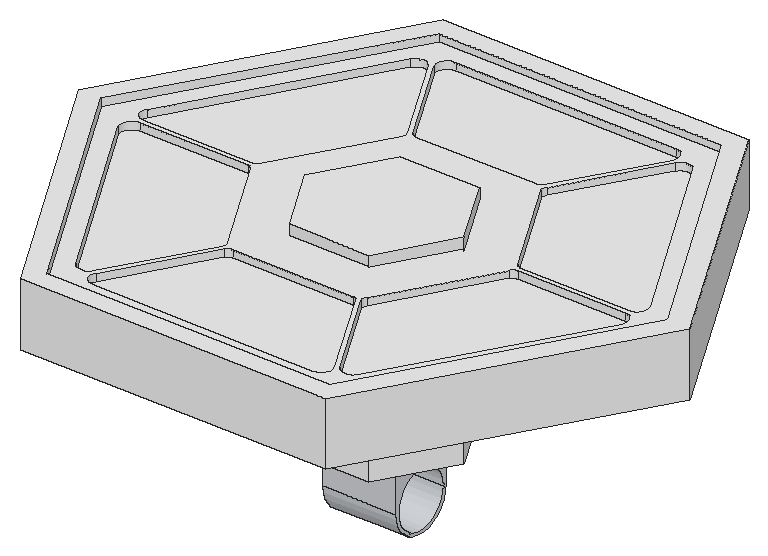
Revit family "Lighting-Industrial-GEWISS-ESALITE-HB-HIGHBAYS-LED_16K_DALI", category Apparecchi per illuminazione, host Superficie, Revit 2019
Family settings
  Host = Superficie
  Quota connettore circolare = Usa diametro
  Tipo di parte = Normale
  Taglio con vuoti quando caricato = No
  Sorgente d'illuminazione = No
  Condiviso = No
  Punto di calcolo locali = Sì
Parameters (values of type "GWS6335GD57K - ESALITE 16K ELL.5700K PLAF+V.GR.DALI")
  Weight (kg): = "7,5"
  Warranty = "5 years"
  Voltage- = "220/240 V - 50/60 Hz"
  Versions = "5700K cold light"
  Version file RFA = "20.11"
  VISIBILITA' SIMBOLO [instance] = yes
  VISIBILITA' LAMPADA PIANTA [instance] = not(VISIBILITA' SIMBOLO)  # no
  VISIBILITA' ETICHETTA [instance] = yes
  URL = "https://www.gewiss.com/ww/en"
  Technical sheet = "https://www.gewiss.com/ww/en/search?q=GWS6335GD57K"
  System power = "125W"
  Spostamento_y_effettivo_ET [instance] = 4000 mm - Spostamento_y_ET  # 2119.2 mm
  Spostamento_y_ET [instance] = 1880.8 mm
  Spostamento_X_effettivo_ET [instance] = 4000 mm - Spostamento_X_ET  # 3850.612 mm
  Spostamento_X_ET [instance] = 149.388 mm
  Shock resistance = "IK08"
  Shield type = "Tempered glass"
  SEO = "High bay"
  Realized by GEWISS S.p.A. = ""
  Default Elevation = 1219.2 mm
  Produttore = "GEWISS S.p.A."
  Potenza di sitema = "Wxxx"
  Overvoltage resistance : = "Common mode: 8KV; Differential mode: 6KV"
  Optic = "Elliptical"
  Operating temperature: = "-30 +50 °C"
  Nominal flux (lm) = "17000"
  Modello = "GWS6335GD57K"
  Lumen output (lm) = "13600"
  Life time L90B10 (Tq 50Â°C) = "50000H"
  Life time L90B10 (Tq 25Â°C) = "100000H"
  Lamp- = "LED - Not replaceable"
  LED current. = "0,599999999999999A"
  Insulation class = "I"
  Immagine tipo = ESALITE_HB.jpg
  IP degree = "IP66"
  IDT = "a54f4c13e4cb438fafd2955485c5441c"
  IDF = "52d9f25e-ae7e-4c7c-a9a9-41bfd309ca57"
  Electrocod = "2444"
  Efficiency class of integrated LEDs = "A ÷ A++"
  Driver type = "Driver Led Dali"
  Descrizione = "ESALITE 16K ELL.5700K PLAF+V.GR.DALI"
  Colour temperature: = "5700 K (CRI>80)"
  Colour = "Grey RAL 9006"
  Catalogue Range = "ESALITE HB - 16K"
  Catalogue = "LIGHTING"
  COBie.Tagnumber = ""
  COBie.CreatedOn = ""
  COBie.CreatebBy = ""
  COBie.ComponentRegisterItemID = ""
  COBie.Component.TagNumber = ""
  COBie.Component.Space = ""
  COBie.Component.SerialNumber = ""
  COBie.Component.InstallationDate = ""
  COBie.Component.Description = ""
  COBie.Component.BarCode = ""
  Application = "Indoor / Outdoor"
Types (25, lengths in mm): name | Versions | Technical sheet | Shock resistance | Shield type | Optic | Nominal flux (lm) | Modello | Lumen output (lm) | IP degree | IDT | Descrizione | Colour temperature: | Application
  (no name) | "5700K cold light" | "https://www.gewiss.com/ww/en/search?q=GWS6335GD57K" | "IK08" | "Tempered glass" | "Elliptical" | "17000" | "GWS6335GD57K" | "13600" | "IP66" | "a54f4c13e4cb438fafd2955485c5441c" | "ESALITE 16K ELL.5700K PLAF+V.GR.DALI" | "5700 K (CRI>80)" | "Indoor / Outdoor"
  GWS6032GD - ESALITE 16K 30° 4000K PLAF.GR.DALI | "4000K natural light" | "https://www.gewiss.com/ww/en/search?q=GWS6032GD" | "IK06" | "Plastic" | "30°" | "17000" | "GWS6032GD" | "14400" | "IP65" | "39e03025dfbc4288af2ce8f743936643" | "ESALITE 16K 30° 4000K PLAF.GR.DALI" | "4000 K (CRI>80)" | "Internal"
  GWS6032GD30K - ESALITE 16K 30° 3000K PLAF.GR.DALI | "3000K warm light" | "https://www.gewiss.com/ww/en/search?q=GWS6032GD30K" | "IK06" | "Plastic" | "30°" | "16000" | "GWS6032GD30K" | "13400" | "IP65" | "c226fc3004d24f4094da6ffb8992abb0" | "ESALITE 16K 30° 3000K PLAF.GR.DALI" | "3000 K (CRI>80)" | "Internal"
  GWS6032GD57K - ESALITE 16K 30° 5700K PLAF.GR.DALI | "5700K cold light" | "https://www.gewiss.com/ww/en/search?q=GWS6032GD57K" | "IK06" | "Plastic" | "30°" | "17000" | "GWS6032GD57K" | "14400" | "IP65" | "a306528a721c42ff9d4e9932b5d48a03" | "ESALITE 16K 30° 5700K PLAF.GR.DALI" | "5700 K (CRI>80)" | "Internal"
  GWS6033GD - ESALITE 16K 60° 4000K PLAF.GR.DALI | "4000K natural light" | "https://www.gewiss.com/ww/en/search?q=GWS6033GD" | "IK06" | "Plastic" | "60°" | "17000" | "GWS6033GD" | "14700" | "IP65" | "6af811cbe9414f66ab4bd28b991bbe8f" | "ESALITE 16K 60° 4000K PLAF.GR.DALI" | "4000 K (CRI>80)" | "Internal"
  GWS6033GD30K - ESALITE 16K 60° 3000K PLAF.GR.DALI | "3000K warm light" | "https://www.gewiss.com/ww/en/search?q=GWS6033GD30K" | "IK06" | "Plastic" | "60°" | "16000" | "GWS6033GD30K" | "13700" | "IP65" | "e5e01e6559ea4602886af997f2dd6e4e" | "ESALITE 16K 60° 3000K PLAF.GR.DALI" | "3000 K (CRI>80)" | "Internal"
  GWS6033GD57K - ESALITE 16K 60° 5700K PLAF.GR.DALI | "5700K cold light" | "https://www.gewiss.com/ww/en/search?q=GWS6033GD57K" | "IK06" | "Plastic" | "60°" | "17000" | "GWS6033GD57K" | "14700" | "IP65" | "6ac66394f54543fd9d2a1178bb1d6695" | "ESALITE 16K 60° 5700K PLAF.GR.DALI" | "5700 K (CRI>80)" | "Internal"
  GWS6034GD - ESALITE 16K 90° 4000K PLAF.GR.DALI | "4000K natural light" | "https://www.gewiss.com/ww/en/search?q=GWS6034GD" | "IK06" | "Plastic" | "90°" | "17000" | "GWS6034GD" | "15600" | "IP65" | "ee47cda429fb4ce89b851b92d9619367" | "ESALITE 16K 90° 4000K PLAF.GR.DALI" | "4000 K (CRI>80)" | "Internal"
  GWS6034GD30K - ESALITE 16K 90° 3000K PLAF.GR.DALI | "3000K warm light" | "https://www.gewiss.com/ww/en/search?q=GWS6034GD30K" | "IK06" | "Plastic" | "90°" | "16000" | "GWS6034GD30K" | "14500" | "IP65" | "f528e1daeff34361b0fa2685b4df1d6f" | "ESALITE 16K 90° 3000K PLAF.GR.DALI" | "3000 K (CRI>80)" | "Internal"
  GWS6034GD57K - ESALITE 16K 90° 5700K PLAF.GR.DALI | "5700K cold light" | "https://www.gewiss.com/ww/en/search?q=GWS6034GD57K" | "IK06" | "Plastic" | "90°" | "17000" | "GWS6034GD57K" | "15600" | "IP65" | "59a8fbbd0145487e96f26b14b5e4220c" | "ESALITE 16K 90° 5700K PLAF.GR.DALI" | "5700 K (CRI>80)" | "Internal"
  GWS6035GD - ESALITE 16K ELL.4000K PLAF.GR.DALI | "4000K natural light" | "https://www.gewiss.com/ww/en/search?q=GWS6035GD" | "IK06" | "Plastic" | "Elliptical" | "17000" | "GWS6035GD" | "14700" | "IP65" | "6894d707bf884244b0e0e2f22a0d072b" | "ESALITE 16K ELL.4000K PLAF.GR.DALI" | "4000 K (CRI>80)" | "Internal"
  GWS6035GD30K - ESALITE 16K ELL.3000K PLAF.GR.DALI | "3000K warm light" | "https://www.gewiss.com/ww/en/search?q=GWS6035GD30K" | "IK06" | "Plastic" | "Elliptical" | "16000" | "GWS6035GD30K" | "13700" | "IP65" | "43f4a1f4c59e4f02a47173e758b3e2f9" | "ESALITE 16K ELL.3000K PLAF.GR.DALI" | "3000 K (CRI>80)" | "Internal"
  GWS6035GD57K - ESALITE 16K ELL.5700K PLAF.GR.DALI | "5700K cold light" | "https://www.gewiss.com/ww/en/search?q=GWS6035GD57K" | "IK06" | "Plastic" | "Elliptical" | "17000" | "GWS6035GD57K" | "14700" | "IP65" | "7e38fbde8da2462c95801c54c3765e04" | "ESALITE 16K ELL.5700K PLAF.GR.DALI" | "5700 K (CRI>80)" | "Internal"
  GWS6332GD - ESALITE 16K 30° 4000K PLAF+V.GR.DALI | "4000K natural light" | "https://www.gewiss.com/ww/en/search?q=GWS6332GD" | "IK08" | "Tempered glass" | "30°" | "17000" | "GWS6332GD" | "13300" | "IP66" | "8800f98ef3d140f6aaa7b7165f7b2d88" | "ESALITE 16K 30° 4000K PLAF+V.GR.DALI" | "4000 K (CRI>80)" | "Indoor / Outdoor"
  GWS6332GD30K - ESALITE 16K 30° 3000K PLAF+V.GR.DALI | "3000K warm light" | "https://www.gewiss.com/ww/en/search?q=GWS6332GD30K" | "IK08" | "Tempered glass" | "30°" | "16000" | "GWS6332GD30K" | "12300" | "IP66" | "d878ccc5a83142ffa1d5aa30606ade52" | "ESALITE 16K 30° 3000K PLAF+V.GR.DALI" | "3000 K (CRI>80)" | "Indoor / Outdoor"
  GWS6332GD57K - ESALITE 16K 30° 5700K PLAF+V.GR.DALI | "5700K cold light" | "https://www.gewiss.com/ww/en/search?q=GWS6332GD57K" | "IK08" | "Tempered glass" | "30°" | "17000" | "GWS6332GD57K" | "13300" | "IP66" | "57e13c32087e4914b460dd63fcdca865" | "ESALITE 16K 30° 5700K PLAF+V.GR.DALI" | "5700 K (CRI>80)" | "Indoor / Outdoor"
  GWS6333GD - ESALITE 16K 60° 4000K PLAF+V.GR.DALI | "4000K natural light" | "https://www.gewiss.com/ww/en/search?q=GWS6333GD" | "IK08" | "Tempered glass" | "60°" | "17000" | "GWS6333GD" | "13600" | "IP66" | "be6ae29a2ded4cf9b4aa5b8921416a86" | "ESALITE 16K 60° 4000K PLAF+V.GR.DALI" | "4000 K (CRI>80)" | "Indoor / Outdoor"
  GWS6333GD30K - ESALITE 16K 60° 3000K PLAF+V.GR.DALI | "3000K warm light" | "https://www.gewiss.com/ww/en/search?q=GWS6333GD30K" | "IK08" | "Tempered glass" | "60°" | "16000" | "GWS6333GD30K" | "12600" | "IP66" | "87c9c88197a34362af688c8e91c0d271" | "ESALITE 16K 60° 3000K PLAF+V.GR.DALI" | "3000 K (CRI>80)" | "Indoor / Outdoor"
  GWS6333GD57K - ESALITE 16K 60° 5700K PLAF+V.GR.DALI | "5700K cold light" | "https://www.gewiss.com/ww/en/search?q=GWS6333GD57K" | "IK08" | "Tempered glass" | "60°" | "17000" | "GWS6333GD57K" | "13600" | "IP66" | "7fab6dde5e8a428699b5bee065c1908d" | "ESALITE 16K 60° 5700K PLAF+V.GR.DALI" | "5700 K (CRI>80)" | "Indoor / Outdoor"
  GWS6334GD - ESALITE 16K 90° 4000K PLAF+V.GR.DALI | "4000K natural light" | "https://www.gewiss.com/ww/en/search?q=GWS6334GD" | "IK08" | "Tempered glass" | "90°" | "17000" | "GWS6334GD" | "14400" | "IP66" | "875574b0810943fda973ff4d466be8ed" | "ESALITE 16K 90° 4000K PLAF+V.GR.DALI" | "4000 K (CRI>80)" | "Indoor / Outdoor"
  GWS6334GD30K - ESALITE 16K 90° 3000K PLAF+V.GR.DALI | "3000K warm light" | "https://www.gewiss.com/ww/en/search?q=GWS6334GD30K" | "IK08" | "Tempered glass" | "90°" | "16000" | "GWS6334GD30K" | "13400" | "IP66" | "b28f25b15131450ab32343165c96e735" | "ESALITE 16K 90° 3000K PLAF+V.GR.DALI" | "3000 K (CRI>80)" | "Indoor / Outdoor"
  GWS6334GD57K - ESALITE 16K 90° 5700K PLAF+V.GR.DALI | "5700K cold light" | "https://www.gewiss.com/ww/en/search?q=GWS6334GD57K" | "IK08" | "Tempered glass" | "90°" | "17000" | "GWS6334GD57K" | "14400" | "IP66" | "e6067d8e4f914fe3a1c6a37714fbe1bf" | "ESALITE 16K 90° 5700K PLAF+V.GR.DALI" | "5700 K (CRI>80)" | "Indoor / Outdoor"
  GWS6335GD - ESALITE 16K ELL.4000K PLAF+V.GR.DALI | "4000K natural light" | "https://www.gewiss.com/ww/en/search?q=GWS6335GD" | "IK08" | "Tempered glass" | "Elliptical" | "17000" | "GWS6335GD" | "13600" | "IP66" | "1e284efdf1c5438084c89e5faa34d017" | "ESALITE 16K ELL.4000K PLAF+V.GR.DALI" | "4000 K (CRI>80)" | "Indoor / Outdoor"
  GWS6335GD30K - ESALITE 16K ELL.3000K PLAF+V.GR.DALI | "3000K warm light" | "https://www.gewiss.com/ww/en/search?q=GWS6335GD30K" | "IK08" | "Tempered glass" | "Elliptical" | "16000" | "GWS6335GD30K" | "12600" | "IP66" | "6308e43113534a9dab849f2d239f7b59" | "ESALITE 16K ELL.3000K PLAF+V.GR.DALI" | "3000 K (CRI>80)" | "Indoor / Outdoor"
  GWS6335GD57K - ESALITE 16K ELL.5700K PLAF+V.GR.DALI | "5700K cold light" | "https://www.gewiss.com/ww/en/search?q=GWS6335GD57K" | "IK08" | "Tempered glass" | "Elliptical" | "17000" | "GWS6335GD57K" | "13600" | "IP66" | "a54f4c13e4cb438fafd2955485c5441c" | "ESALITE 16K ELL.5700K PLAF+V.GR.DALI" | "5700 K (CRI>80)" | "Indoor / Outdoor"
Reference planes
  plane 1 "Centro (Fronte/Retro)": y = 0
  plane 2: z = 0
  plane 3 "Centro (Sinistra/Destra)": x = 0
  plane 4: z = 123
  plane 5: x = 0
  plane 6: x = -3850.612
  plane 7: y = -2119.2
  plane 8: y = 0
  plane 9: through (-1779.2, -702.001, 1219.2) normal (0.4695, 0.8829, 0)
  plane 10: through (203.705, -1575.119, 1219.2) normal (-0.866, 0.5, 0)
  plane 11: x = -217.137
  plane 12: x = 217.137
  plane 13: y = 188.046
  plane 14: y = -188.046
Lines and regions (mm)
  symbolic lines, visible <- "VISIBILITA' LAMPADA PIANTA"
    curve 1: line (-217.137, 0, 199.205) -> (217.137, 0, 199.205)
    curve 2: line (-217.137, 0, 152.205) -> (-217.137, 0, 199.205)
    curve 3: line (217.137, 0, 152.205) -> (-217.137, 0, 152.205)
    curve 4: line (217.137, 0, 199.205) -> (217.137, 0, 152.205)
    curve 5: line (-56.644, 0, 152.205) -> (56.76, 0, 152.205)
    curve 6: line (-56.644, 0, 55) -> (-56.644, 0, 152.205)
    curve 7: line (56.76, 0, 55) -> (-56.644, 0, 55)
    curve 8: line (56.76, 0, 152.205) -> (56.76, 0, 55)
    curve 9: line (-26.009, 0, 55) -> (26.009, 0, 55)
    curve 10: line (-26.009, 0, 1.411) -> (-26.009, 0, 55)
    curve 11: line (26.009, 0, 1.411) -> (-26.009, 0, 1.411)
    curve 12: line (26.009, 0, 55) -> (26.009, 0, 1.411)
    curve 13: line (107.72, 186.577, 0) -> (-109.416, 186.577, 0)
    curve 14: line (-109.416, 186.577, 0) -> (-217.985, -1.469, 0)
    curve 15: line (-217.985, -1.469, 0) -> (-109.416, -189.515, 0)
    curve 16: line (-109.416, -189.515, 0) -> (107.72, -189.515, 0)
    curve 17: line (107.72, -189.515, 0) -> (216.289, -1.469, 0)
    curve 18: line (216.289, -1.469, 0) -> (107.72, 186.577, 0)
    curve 19: line (-101.583, 173.009, 0) -> (99.887, 173.009, 0)
    curve 20: line (99.887, 173.009, 0) -> (200.622, -1.469, 0)
    curve 21: line (200.622, -1.469, 0) -> (99.887, -175.947, 0)
    curve 22: line (99.887, -175.947, 0) -> (-101.583, -175.947, 0)
    curve 23: line (-101.583, -175.947, 0) -> (-202.318, -1.469, 0)
    curve 24: line (-202.318, -1.469, 0) -> (-101.583, 173.009, 0)
    curve 25: line (-79.358, 160.011, 0) -> (77.662, 160.011, 0)
    curve 26: arc (77.662, 160.011, 0) -> (84.159, 156.256, 0) -> (84.15, 148.751, 0) r 7.499
    curve 27: line (84.15, 148.751, 0) -> (45.911, 82.521, 0)
    curve 28: arc (45.911, 82.521, 0) -> (44.081, 80.691, 0) -> (41.582, 80.021, 0) r 4.999
    curve 29: line (41.582, 80.021, 0) -> (-43.278, 80.021, 0)
    curve 30: arc (-43.278, 80.021, 0) -> (-45.778, 80.691, 0) -> (-47.608, 82.521, 0) r 4.999
    curve 31: line (-47.608, 82.521, 0) -> (-85.858, 148.773, 0)
    curve 32: arc (-85.858, 148.773, 0) -> (-85.849, 156.267, 0) -> (-79.358, 160.011, 0) r 7.499
    curve 33: line (-179.942, 11.291, 0) -> (-101.445, 147.252, 0)
    curve 34: arc (-101.445, 147.252, 0) -> (-94.957, 151.012, 0) -> (-88.456, 147.273, 0) r 7.499
    curve 35: line (-88.456, 147.273, 0) -> (-50.205, 81.021, 0)
    curve 36: arc (-50.205, 81.021, 0) -> (-49.536, 78.521, 0) -> (-50.205, 76.021, 0) r 4.999
    curve 37: line (-50.205, 76.021, 0) -> (-92.635, 2.531, 0)
    curve 38: arc (-92.635, 2.531, 0) -> (-94.465, 0.701, 0) -> (-96.965, 0.031, 0) r 4.999
    curve 39: line (-96.965, 0.031, 0) -> (-173.454, 0.031, 0)
    curve 40: arc (-173.454, 0.031, 0) -> (-179.952, 3.786, 0) -> (-179.942, 11.291, 0) r 7.499
    curve 41: line (-101.432, -150.211, 0) -> (-179.955, -14.206, 0)
    curve 42: arc (-179.955, -14.206, 0) -> (-179.945, -6.713, 0) -> (-173.454, -2.969, 0) r 7.499
    curve 43: line (-173.454, -2.969, 0) -> (-96.965, -2.969, 0)
    curve 44: arc (-96.965, -2.969, 0) -> (-94.465, -3.638, 0) -> (-92.635, -5.468, 0) r 4.999
    curve 45: line (-92.635, -5.468, 0) -> (-50.205, -78.959, 0)
    curve 46: arc (-50.205, -78.959, 0) -> (-49.536, -81.459, 0) -> (-50.205, -83.958, 0) r 4.999
    curve 47: line (-50.205, -83.958, 0) -> (-88.456, -150.211, 0)
    curve 48: arc (-88.456, -150.211, 0) -> (-94.944, -153.949, 0) -> (-101.432, -150.211, 0) r 7.499
    curve 49: line (-43.278, -82.958, 0) -> (41.582, -82.958, 0)
    curve 50: arc (41.582, -82.958, 0) -> (44.081, -83.628, 0) -> (45.911, -85.458, 0) r 4.999
    curve 51: line (45.911, -85.458, 0) -> (84.15, -151.689, 0)
    curve 52: arc (84.15, -151.689, 0) -> (84.159, -159.193, 0) -> (77.662, -162.948, 0) r 7.499
    curve 53: line (77.662, -162.948, 0) -> (-79.358, -162.948, 0)
    curve 54: arc (-79.358, -162.948, 0) -> (-85.849, -159.204, 0) -> (-85.858, -151.711, 0) r 7.499
    curve 55: line (-85.858, -151.711, 0) -> (-47.608, -85.458, 0)
    curve 56: arc (-47.608, -85.458, 0) -> (-45.778, -83.628, 0) -> (-43.278, -82.958, 0) r 4.999
    curve 57: line (48.509, -78.959, 0) -> (90.939, -5.468, 0)
    curve 58: arc (90.939, -5.468, 0) -> (92.769, -3.638, 0) -> (95.269, -2.969, 0) r 4.999
    curve 59: line (95.269, -2.969, 0) -> (171.758, -2.969, 0)
    curve 60: arc (171.758, -2.969, 0) -> (178.255, -6.724, 0) -> (178.246, -14.228, 0) r 7.499
    curve 61: line (178.246, -14.228, 0) -> (99.749, -150.189, 0)
    curve 62: arc (99.749, -150.189, 0) -> (93.261, -153.949, 0) -> (86.76, -150.211, 0) r 7.499
    curve 63: line (86.76, -150.211, 0) -> (48.509, -83.958, 0)
    curve 64: arc (48.509, -83.958, 0) -> (47.839, -81.459, 0) -> (48.509, -78.959, 0) r 4.999
    curve 65: line (90.939, 2.531, 0) -> (48.509, 76.021, 0)
    curve 66: arc (48.509, 76.021, 0) -> (47.839, 78.521, 0) -> (48.509, 81.021, 0) r 4.999
    curve 67: line (48.509, 81.021, 0) -> (86.76, 147.273, 0)
    curve 68: arc (86.76, 147.273, 0) -> (93.261, 151.012, 0) -> (99.749, 147.252, 0) r 7.499
    curve 69: line (99.749, 147.252, 0) -> (178.246, 11.291, 0)
    curve 70: arc (178.246, 11.291, 0) -> (178.255, 3.786, 0) -> (171.758, 0.031, 0) r 7.499
    curve 71: line (171.758, 0.031, 0) -> (95.269, 0.031, 0)
    curve 72: arc (95.269, 0.031, 0) -> (92.769, 0.701, 0) -> (90.939, 2.531, 0) r 4.999
    curve 73: line (55.912, -1.284, 0) -> (27.561, 47.821, 0)
    curve 74: line (27.561, 47.821, 0) -> (-29.141, 47.821, 0)
    curve 75: line (-29.141, 47.821, 0) -> (-57.492, -1.284, 0)
    curve 76: line (-57.492, -1.284, 0) -> (-29.141, -50.389, 0)
    curve 77: line (-29.141, -50.389, 0) -> (27.561, -50.389, 0)
    curve 78: line (27.561, -50.389, 0) -> (55.912, -1.284, 0)
  symbolic lines, visible <- "VISIBILITA' LAMPADA PIANTA", not visible
    curve 79: line (873.197, 818.285, 0) -> (656.06, 818.285, 0)
    curve 80: line (656.06, 818.285, 0) -> (547.492, 630.239, 0)
    curve 81: line (547.492, 630.239, 0) -> (656.06, 442.193, 0)
    curve 82: line (656.06, 442.193, 0) -> (873.197, 442.193, 0)
    curve 83: line (873.197, 442.193, 0) -> (981.765, 630.239, 0)
    curve 84: line (981.765, 630.239, 0) -> (873.197, 818.285, 0)
    curve 85: line (663.893, 804.717, 0) -> (865.363, 804.717, 0)
    curve 86: line (865.363, 804.717, 0) -> (966.098, 630.239, 0)
    curve 87: line (966.098, 630.239, 0) -> (865.363, 455.761, 0)
    curve 88: line (865.363, 455.761, 0) -> (663.893, 455.761, 0)
    curve 89: line (663.893, 455.761, 0) -> (563.159, 630.239, 0)
    curve 90: line (563.159, 630.239, 0) -> (663.893, 804.717, 0)
    curve 91: line (686.119, 791.719, 0) -> (843.138, 791.719, 0)
    curve 92: arc (843.138, 791.719, 0) -> (849.636, 787.964, 0) -> (849.626, 780.459, 0) r 7.499
    curve 93: line (849.626, 780.459, 0) -> (811.388, 714.229, 0)
    curve 94: arc (811.388, 714.229, 0) -> (809.558, 712.399, 0) -> (807.058, 711.729, 0) r 4.999
    curve 95: line (807.058, 711.729, 0) -> (722.198, 711.729, 0)
    curve 96: arc (722.198, 711.729, 0) -> (719.699, 712.399, 0) -> (717.869, 714.229, 0) r 4.999
    curve 97: line (717.869, 714.229, 0) -> (679.618, 780.481, 0)
    curve 98: arc (679.618, 780.481, 0) -> (679.627, 787.975, 0) -> (686.119, 791.719, 0) r 7.499
    curve 99: line (585.534, 642.999, 0) -> (664.031, 778.96, 0)
    curve 100: arc (664.031, 778.96, 0) -> (670.519, 782.72, 0) -> (677.02, 778.981, 0) r 7.499
    curve 101: line (677.02, 778.981, 0) -> (715.271, 712.729, 0)
    curve 102: arc (715.271, 712.729, 0) -> (715.941, 710.229, 0) -> (715.271, 707.73, 0) r 4.999
    curve 103: line (715.271, 707.73, 0) -> (672.841, 634.239, 0)
    curve 104: arc (672.841, 634.239, 0) -> (671.011, 632.409, 0) -> (668.512, 631.739, 0) r 4.999
    curve 105: line (668.512, 631.739, 0) -> (592.022, 631.739, 0)
    curve 106: arc (592.022, 631.739, 0) -> (585.525, 635.494, 0) -> (585.534, 642.999, 0) r 7.499
    curve 107: line (664.044, 481.497, 0) -> (585.522, 617.502, 0)
    curve 108: arc (585.522, 617.502, 0) -> (585.531, 624.995, 0) -> (592.022, 628.74, 0) r 7.499
    curve 109: line (592.022, 628.74, 0) -> (668.512, 628.74, 0)
    curve 110: arc (668.512, 628.74, 0) -> (671.011, 628.07, 0) -> (672.841, 626.24, 0) r 4.999
    curve 111: line (672.841, 626.24, 0) -> (715.271, 552.749, 0)
    curve 112: arc (715.271, 552.749, 0) -> (715.941, 550.249, 0) -> (715.271, 547.75, 0) r 4.999
    curve 113: line (715.271, 547.75, 0) -> (677.02, 481.497, 0)
    curve 114: arc (677.02, 481.497, 0) -> (670.532, 477.759, 0) -> (664.044, 481.497, 0) r 7.499
    curve 115: line (722.198, 548.75, 0) -> (807.058, 548.75, 0)
    curve 116: arc (807.058, 548.75, 0) -> (809.558, 548.08, 0) -> (811.388, 546.25, 0) r 4.999
    curve 117: line (811.388, 546.25, 0) -> (849.626, 480.019, 0)
    curve 118: arc (849.626, 480.019, 0) -> (849.636, 472.515, 0) -> (843.138, 468.76, 0) r 7.499
    curve 119: line (843.138, 468.76, 0) -> (686.119, 468.76, 0)
    curve 120: arc (686.119, 468.76, 0) -> (679.627, 472.504, 0) -> (679.618, 479.997, 0) r 7.499
    curve 121: line (679.618, 479.997, 0) -> (717.869, 546.25, 0)
    curve 122: arc (717.869, 546.25, 0) -> (719.699, 548.08, 0) -> (722.198, 548.75, 0) r 4.999
    curve 123: line (813.986, 552.749, 0) -> (856.415, 626.24, 0)
    curve 124: arc (856.415, 626.24, 0) -> (858.245, 628.07, 0) -> (860.745, 628.74, 0) r 4.999
    curve 125: line (860.745, 628.74, 0) -> (937.234, 628.74, 0)
    curve 126: arc (937.234, 628.74, 0) -> (943.732, 624.985, 0) -> (943.722, 617.48, 0) r 7.499
    curve 127: line (943.722, 617.48, 0) -> (865.225, 481.519, 0)
    curve 128: arc (865.225, 481.519, 0) -> (858.737, 477.759, 0) -> (852.236, 481.497, 0) r 7.499
    curve 129: line (852.236, 481.497, 0) -> (813.986, 547.75, 0)
    curve 130: arc (813.986, 547.75, 0) -> (813.316, 550.249, 0) -> (813.986, 552.749, 0) r 4.999
    curve 131: line (856.415, 634.239, 0) -> (813.986, 707.73, 0)
    curve 132: arc (813.986, 707.73, 0) -> (813.316, 710.229, 0) -> (813.986, 712.729, 0) r 4.999
    curve 133: line (813.986, 712.729, 0) -> (852.236, 778.981, 0)
    curve 134: arc (852.236, 778.981, 0) -> (858.737, 782.72, 0) -> (865.225, 778.96, 0) r 7.499
    curve 135: line (865.225, 778.96, 0) -> (943.722, 642.999, 0)
    curve 136: arc (943.722, 642.999, 0) -> (943.732, 635.494, 0) -> (937.234, 631.739, 0) r 7.499
    curve 137: line (937.234, 631.739, 0) -> (860.745, 631.739, 0)
    curve 138: arc (860.745, 631.739, 0) -> (858.245, 632.409, 0) -> (856.415, 634.239, 0) r 4.999
    curve 139: line (821.388, 630.424, 0) -> (793.037, 679.529, 0)
    curve 140: line (793.037, 679.529, 0) -> (736.336, 679.529, 0)
    curve 141: line (736.336, 679.529, 0) -> (707.985, 630.424, 0)
    curve 142: line (707.985, 630.424, 0) -> (736.336, 581.319, 0)
    curve 143: line (736.336, 581.319, 0) -> (793.037, 581.319, 0)
    curve 144: line (793.037, 581.319, 0) -> (821.388, 630.424, 0)
Text (mm)
  text "B-A=C" at (-2005.323, -1167.131, 0), in view "Livello rif."
  text "D+A-C=B" at (1746.792, 582.509, 0), in view "Livello rif."
Dimensions and locks
  "Spostamento_X_effettivo_ET": plane 6 to plane 5
  plane 6 to plane 3 "Centro (Sinistra/Destra)" = 3850.612 mm
  "Spostamento_y_effettivo_ET": plane 8 to plane 7
  plane 1 "Centro (Fronte/Retro)" to plane 7 = 2119.2 mm
  plane 11 to plane 12 = 434.273 mm
  plane 13 to plane 14 = 376.092 mm
  angle plane 9 to plane 7 = 28.00°
  angle plane 7 to plane 6 = 90.00°
  aligned and locked: plane 2 to host face
  aligned and locked: level to host face
  aligned and locked: plane 5 to nested 1
  aligned and locked: nested 1 to plane 8
Automatic sketch dimensions
  host sketch curve to host sketch curve = 2438.4 mm  (x2)
  curve 3 to plane 11 = 0 mm
  curve 3 to plane 12 = 0 mm
  curve 6 to plane 3 "Centro (Sinistra/Destra)" = 56.644 mm
  level to curve 10 = 1.411 mm
  curve 10 to plane 3 "Centro (Sinistra/Destra)" = 26.009 mm
  plane 3 "Centro (Sinistra/Destra)" to curve 12 = 26.009 mm
  plane 3 "Centro (Sinistra/Destra)" to curve 8 = 56.76 mm
  curve 10 to curve 10 = 53.589 mm
  curve 8 to curve 9 = 0 mm
  curve 6 to plane 4 = 29.205 mm
  curve 4 to plane 4 = 29.205 mm
  curve 3 to curve 4 = 47 mm
Nested families
  nested 1: "etichetta Potenza Lampada" at (0, 0, 0), visible <- "VISIBILITA' ETICHETTA", type "etichetta Potenza Lampada"
  nested 2: "xESALITE HB 16K SOSPENSIONE_base" at (0, 0, 0), type "Tipo 1"
  nested 3: "esalight hb simb" at (0, 0, 0), visible <- "VISIBILITA' SIMBOLO", type "esalight hb simb"
  nested 4: "esalight hb simb" at (-1, 0, 117.439) x (1, 0, 0) z (0, -1, 0), visible <- "VISIBILITA' SIMBOLO", type "esalight hb simb"
Definition of nested family "xESALITE HB 16K SOSPENSIONE_base"
  Parameters (values of type "16hb")
    Schermatura interna = none
    LED = none
    Corpo luce = none
  Reference planes
    plane 1 "Centro (Fronte/Retro)": y = 0
    plane 2: z = 0
    plane 3 "Centro (Sinistra/Destra)": x = 0
    plane 4: x = -145.163
    plane 5: x = 145.28
    plane 6: y = 126.226
    plane 7: y = -125.856
    plane 8: y = 55.469
    plane 9: y = -55.099
    plane 10: x = -63.671
    plane 11: x = 63.788
    plane 12: y = -123.856
    plane 13: y = 124.226
    plane 14: y = -112.535
    plane 15: y = 112.905
    plane 16: y = -22
    plane 17: y = 22
    plane 18: y = -108.017
    plane 19: y = 108.387
    plane 20: through (-28.293, 49.29, 1200) normal (0.866, -0.5, 0)
    plane 21: y = 49.29
    plane 22: through (28.409, 49.29, 1200) normal (0.866, 0.5, 0)
    plane 23: through (28.409, -48.92, 1200) normal (-0.866, 0.5, 0)
    plane 24: y = -48.92
    plane 25: through (-56.644, 0.185, 1200) normal (0.866, 0.5, 0)
    plane 26: through (-31.86, 55.469, 1200) normal (0.866, -0.5, 0)
    plane 27: through (-63.778, 0.185, 1200) normal (0.866, 0.5, 0)
    plane 28: y = -55.099
    plane 29: through (63.894, 0.185, 1200) normal (0.866, -0.5, 0)
    plane 30: through (63.894, 0.185, 1200) normal (-0.866, -0.5, 0)
    plane 31: y = 55.469
    plane 32: z = 123.439
    plane 33: through (-65.51, 1.185, 1200) normal (-0.866, 0.5, 0)
    plane 34: through (-33.592, -56.099, 1200) normal (-0.866, -0.5, 0)
    plane 35: through (-65.51, 1.185, 1200) normal (-0.866, 0.5, 0)
    plane 36: y = 57.469
    plane 37: through (33.708, 56.469, 1200) normal (0.866, 0.5, 0)
    plane 38: through (65.626, -0.815, 1200) normal (0.866, -0.5, 0)
    plane 39: y = -57.099
    plane 40: y = -1
    plane 41: y = 1
    plane 42: x = -1
    plane 43: x = 0
    plane 44: y = 105.387
    plane 45: y = -105.017
    plane 46: z = 130
    plane 47: y = -103.017
    plane 48: y = 103.387
    plane 49: x = 1
    plane 50: through (-108.857, 187.546, 1200) normal (0.866, -0.5, 0)
    plane 51: y = 188.046
    plane 52: y = 174.478
    plane 53: through (-101.456, 173.228, 1200) normal (0.866, -0.5, 0)
    plane 54: through (-216.848, -0.5, 1200) normal (0.866, 0.5, 0)
    plane 55: through (-200.748, -1.25, 1200) normal (0.866, 0.5, 0)
    plane 56: y = -188.046
    plane 57: y = -174.478
    plane 58: y = 188.046
    plane 59: y = 174.478
    plane 60: through (200.748, 1.25, 1200) normal (-0.866, -0.5, 0)
    plane 61: through (216.848, 0.5, 1200) normal (-0.866, -0.5, 0)
    plane 62: through (108.857, -187.546, 1200) normal (-0.866, 0.5, 0)
    plane 63: through (101.456, -173.228, 1200) normal (-0.866, 0.5, 0)
    plane 64: z = 89
    plane 65: z = 134
    plane 66: z = 108.133
    plane 67: z = 123.439
    plane 68: z = 117.439
    plane 69: z = 128.439
    plane 70: z = 27.205
    plane 71: z = 152.205
    plane 72: z = 197.205
    plane 73: z = 199.205
    plane 74: z = 192.205
    plane 75: z = 182.205
    plane 76: z = 187.205
    plane 77: z = 184.113
  Forms (mm)
    Extrusion 1, solid, material <- "Corpo luce"
      sketch origin (0, 0, 0) x (1, 0, 0) y (0, 1, 0)
        loop
          line (-28.293, 49.29) -> (-56.644, 0.185) -> (-28.293, -48.92) -> (28.409, -48.92) -> (56.76, 0.185) -> (28.409, 49.29) -> (-28.293, 49.29)
      from 199.205 to 55
    Extrusion 2, solid
      sketch origin (0, 0, 0) x (0, 1, 0) y (0, 0, 1)
        loop
          arc (-22, 21.411) -> (0, -0.589) -> (22, 21.411) r 22
          line (22, 21.411) -> (22, 55) -> (-22, 55) -> (-22, 21.411)
        loop
          circle (0, 21.411) r 20
      from -26.009 to 26.009
    Extrusion 3, solid, material <- "Corpo luce"
      sketch origin (0, 0, 0) x (1, 0, 0) y (0, 1, 0)
        loop
          line (108.568, -188.046) -> (217.137, 0) -> (108.568, 188.046) -> (-108.568, 188.046) -> (-217.137, 0) -> (-108.568, -188.046) -> (108.568, -188.046)
        loop
          line (100.735, -174.478) -> (201.47, 0) -> (100.735, 174.478) -> (-100.735, 174.478) -> (-201.47, 0) -> (-100.735, -174.478) -> (100.735, -174.478)
      from 152.205 to 197.205
    Extrusion 4, solid, material <- "Corpo luce"
      sketch origin (0, 0, 0) x (1, 0, 0) y (0, 1, 0)
        loop
          line (-201.47, 0) -> (-100.735, -174.478) -> (100.735, -174.478) -> (201.47, 0) -> (100.735, 174.478) -> (-100.735, 174.478) -> (-201.47, 0)
        loop
          line (-28.293, 49.29) -> (-56.644, 0.185) -> (-28.293, -48.92) -> (28.409, -48.92) -> (56.76, 0.185) -> (28.409, 49.29) -> (-28.293, 49.29)
      from 182.205 to 192.205
    Extrusion 5, void
      sketch origin (0, 0, 0) x (1, 0, 0) y (0, 1, 0)
        loop
          line (-100.597, 148.72) -> (-179.094, 12.76)
          arc (-179.094, 12.76) -> (-179.103, 5.255) -> (-172.606, 1.5) r 7.499
          line (-172.606, 1.5) -> (-96.117, 1.5)
          arc (-96.117, 1.5) -> (-93.617, 2.17) -> (-91.787, 4) r 4.999
          line (-91.787, 4) -> (-49.357, 77.49)
          arc (-49.357, 77.49) -> (-48.687, 79.99) -> (-49.357, 82.49) r 4.999
          line (-49.357, 82.49) -> (-87.608, 148.742)
          arc (-87.608, 148.742) -> (-94.109, 152.481) -> (-100.597, 148.72) r 7.499
        loop
          line (78.51, 161.48) -> (-78.51, 161.48)
          arc (-78.51, 161.48) -> (-85.001, 157.736) -> (-85.01, 150.242) r 7.499
          line (-85.01, 150.242) -> (-46.759, 83.99)
          arc (-46.759, 83.99) -> (-44.93, 82.16) -> (-42.43, 81.49) r 4.999
          line (-42.43, 81.49) -> (42.43, 81.49)
          arc (42.43, 81.49) -> (44.93, 82.16) -> (46.759, 83.99) r 4.999
          line (46.759, 83.99) -> (84.998, 150.22)
          arc (84.998, 150.22) -> (85.007, 157.725) -> (78.51, 161.48) r 7.499
        loop
          arc (49.357, 82.49) -> (48.687, 79.99) -> (49.357, 77.49) r 4.999
          line (49.357, 77.49) -> (91.787, 4)
          arc (91.787, 4) -> (93.617, 2.17) -> (96.117, 1.5) r 4.999
          line (96.117, 1.5) -> (172.606, 1.5)
          arc (172.606, 1.5) -> (179.103, 5.255) -> (179.094, 12.76) r 7.499
          line (179.094, 12.76) -> (100.597, 148.72)
          arc (100.597, 148.72) -> (94.109, 152.481) -> (87.608, 148.742) r 7.499
          line (87.608, 148.742) -> (49.357, 82.49)
        loop
          line (49.357, -82.489) -> (87.608, -148.742)
          arc (87.608, -148.742) -> (94.109, -152.48) -> (100.597, -148.72) r 7.499
          line (100.597, -148.72) -> (179.094, -12.759)
          arc (179.094, -12.759) -> (179.103, -5.255) -> (172.606, -1.5) r 7.499
          line (172.606, -1.5) -> (96.117, -1.5)
          arc (96.117, -1.5) -> (93.617, -2.169) -> (91.787, -3.999) r 4.999
          line (91.787, -3.999) -> (49.357, -77.49)
          arc (49.357, -77.49) -> (48.687, -79.99) -> (49.357, -82.489) r 4.999
        loop
          arc (-42.43, -81.489) -> (-44.93, -82.159) -> (-46.759, -83.989) r 4.999
          line (-46.759, -83.989) -> (-85.01, -150.242)
          arc (-85.01, -150.242) -> (-85.001, -157.735) -> (-78.51, -161.479) r 7.499
          line (-78.51, -161.479) -> (78.51, -161.479)
          arc (78.51, -161.479) -> (85.007, -157.724) -> (84.998, -150.22) r 7.499
          line (84.998, -150.22) -> (46.759, -83.989)
          arc (46.759, -83.989) -> (44.93, -82.159) -> (42.43, -81.489) r 4.999
          line (42.43, -81.489) -> (-42.43, -81.489)
        loop
          arc (-91.787, -3.999) -> (-93.617, -2.169) -> (-96.117, -1.5) r 4.999
          line (-96.117, -1.5) -> (-172.606, -1.5)
          arc (-172.606, -1.5) -> (-179.097, -5.244) -> (-179.107, -12.737) r 7.499
          line (-179.107, -12.737) -> (-100.584, -148.742)
          arc (-100.584, -148.742) -> (-94.096, -152.48) -> (-87.608, -148.742) r 7.499
          line (-87.608, -148.742) -> (-49.357, -82.489)
          arc (-49.357, -82.489) -> (-48.687, -79.99) -> (-49.357, -77.49) r 4.999
          line (-49.357, -77.49) -> (-91.787, -3.999)
      from 187.205 to 192.205
  Cuts and joins
    Extrusion 5 cuts Extrusion 4
  Lines and regions (mm)
    symbolic lines
      curve 1: line (0, 188.046, 0) -> (0, 193.046, 0)
  Dimensions and locks
    locked: plane 6 to plane 13 at 2
    locked: plane 7 to plane 12 at 2
    locked: plane 15 to plane 13 at 11.321
    locked: plane 12 to plane 14 at 11.321
    equal spacing: Extrusion 2, plane 3 "Centro (Sinistra/Destra)", Extrusion 2
    plane 4 to plane 5 = 290.443 mm
    plane 7 to plane 6 = 252.082 mm
    Extrusion 1 to plane 70 = 172 mm
    plane 72 to plane 71 = 45 mm
    locked: plane 72 to plane 74 at 5
    locked: plane 74 to plane 75 at 10
    locked: plane 74 to plane 76 at 5
    locked: plane 76 to plane 77 at 3.092
    aligned and locked: level to plane 2
    aligned and locked: Extrusion 2 sketch curve to plane 16
    aligned and locked: Extrusion 2 sketch curve to plane 17
    aligned and locked: plane 1 "Centro (Fronte/Retro)" to Extrusion 2 sketch curve
    aligned and locked: Extrusion 1 sketch curve to plane 20
    aligned and locked: Extrusion 1 sketch curve to plane 25
    aligned and locked: Extrusion 1 sketch curve to plane 24
    aligned and locked: Extrusion 1 sketch curve to plane 23
    aligned and locked: Extrusion 1 sketch curve to plane 22
    aligned and locked: Extrusion 1 sketch curve to plane 21
    aligned and locked: Extrusion 1 to plane 73
    aligned and locked: Extrusion 3 to plane 72
    aligned and locked: plane 71 to Extrusion 3
    aligned and locked: Extrusion 4 to plane 74
    aligned and locked: Extrusion 4 to plane 75
    aligned and locked: Extrusion 4 to Extrusion 5
    aligned and locked: plane 76 to Extrusion 5
  Automatic sketch dimensions
    curve 1 to plane 3 "Centro (Sinistra/Destra)" = 0 mm
    curve 1 to plane 51 = 0 mm
    curve 1 to curve 1 = 5 mm
    Extrusion 2 sketch curve to Extrusion 2 sketch curve = 0 mm
    plane 70 to Extrusion 2 sketch curve = 5.795 mm
    Extrusion 2 sketch curve to plane 70 = 27.795 mm
    plane 50 to Extrusion 3 sketch curve = 0 mm  (x2)
    Extrusion 3 sketch curve to plane 54 = 0 mm  (x2)
    plane 53 to Extrusion 3 sketch curve = 0 mm  (x2)
    Extrusion 3 sketch curve to plane 55 = 0 mm  (x2)
    Extrusion 3 sketch curve to plane 56 = 0 mm
    Extrusion 3 sketch curve to plane 51 = 0 mm
    Extrusion 3 sketch curve to plane 57 = 0 mm
    Extrusion 3 sketch curve to plane 52 = 0 mm
    Extrusion 3 sketch curve to plane 63 = 0 mm
    plane 60 to Extrusion 3 sketch curve = 0 mm  (x2)
    plane 61 to Extrusion 3 sketch curve = 0 mm  (x2)
    Extrusion 3 sketch curve to plane 62 = 0 mm
    plane 63 to Extrusion 3 sketch curve = 0 mm
    plane 62 to Extrusion 3 sketch curve = 0 mm
    plane 53 to Extrusion 4 sketch curve = 0 mm  (x2)
    Extrusion 4 sketch curve to plane 55 = 0 mm  (x2)
    Extrusion 4 sketch curve to plane 52 = 0 mm
    Extrusion 4 sketch curve to plane 57 = 0 mm
    Extrusion 4 sketch curve to plane 20 = 0 mm
    Extrusion 4 sketch curve to plane 25 = 0 mm  (x2)
    plane 20 to Extrusion 4 sketch curve = 0 mm
    Extrusion 4 sketch curve to plane 21 = 0 mm
    Extrusion 4 sketch curve to plane 24 = 0 mm
    Extrusion 4 sketch curve to plane 22 = 0 mm  (x2)
    Extrusion 4 sketch curve to plane 23 = 0 mm  (x2)
    plane 60 to Extrusion 4 sketch curve = 0 mm  (x2)
    Extrusion 4 sketch curve to plane 63 = 0 mm
    plane 63 to Extrusion 4 sketch curve = 0 mm
    Extrusion 5 sketch curve to plane 16 = 9.263 mm
    plane 4 to Extrusion 5 sketch curve = 33.943 mm
    plane 17 to Extrusion 5 sketch curve = 9.24 mm  (x2)
    Extrusion 5 sketch curve to Extrusion 5 sketch curve = 0.013 mm
    Extrusion 5 sketch curve to Extrusion 5 sketch curve = 6.501 mm  (x6)
    Extrusion 5 sketch curve to plane 41 = 0.5 mm  (x2)
    Extrusion 5 sketch curve to Extrusion 5 sketch curve = 0 mm  (x10)
    plane 10 to Extrusion 5 sketch curve = 36.926 mm
    plane 10 to Extrusion 5 sketch curve = 36.913 mm
    plane 40 to Extrusion 5 sketch curve = 0.5 mm  (x2)
    plane 10 to Extrusion 5 sketch curve = 32.445 mm
    Extrusion 5 sketch curve to Extrusion 5 sketch curve = 6.488 mm  (x9)
    Extrusion 5 sketch curve to plane 41 = 3 mm  (x2)
    Extrusion 5 sketch curve to Extrusion 5 sketch curve = 4.33 mm  (x11)
    plane 40 to Extrusion 5 sketch curve = 2.999 mm  (x2)
    Extrusion 5 sketch curve to Extrusion 5 sketch curve = 2.598 mm  (x8)
    Extrusion 5 sketch curve to plane 10 = 9.984 mm  (x2)
    plane 11 to Extrusion 5 sketch curve = 21.358 mm  (x2)
    Extrusion 5 sketch curve to plane 11 = 14.722 mm  (x2)
    Extrusion 5 sketch curve to Extrusion 5 sketch curve = 2.61 mm  (x2)
    Extrusion 5 sketch curve to plane 11 = 28 mm
    plane 7 to Extrusion 5 sketch curve = 22.864 mm
    plane 6 to Extrusion 5 sketch curve = 22.495 mm
    Extrusion 5 sketch curve to plane 5 = 27.326 mm
    Extrusion 5 sketch curve to plane 16 = 9.241 mm
    plane 7 to Extrusion 5 sketch curve = 22.886 mm
    Extrusion 5 sketch curve to Extrusion 5 sketch curve = 0.022 mm
    Extrusion 5 sketch curve to Extrusion 5 sketch curve = 1.478 mm  (x2)
    Extrusion 5 sketch curve to Extrusion 5 sketch curve = 1.5 mm  (x6)
    Extrusion 5 sketch curve to Extrusion 5 sketch curve = 3.76 mm  (x2)
    plane 47 to Extrusion 5 sketch curve = 16.529 mm  (x2)
    Extrusion 5 sketch curve to Extrusion 5 sketch curve = 2.5 mm  (x5)
    plane 36 to Extrusion 5 sketch curve = 20.022 mm  (x2)
    Extrusion 5 sketch curve to Extrusion 5 sketch curve = 1 mm
    Extrusion 5 sketch curve to Extrusion 5 sketch curve = 3.739 mm  (x3)
    plane 6 to Extrusion 5 sketch curve = 18.756 mm
    radius of Extrusion 2 sketch curve = 20 mm
Definition of nested family "etichetta Potenza Lampada"
  Parameters (values of type "etichetta Potenza Lampada")
    potenza lampada = "Wxxx"
  Reference planes
    plane 1: y = 0
    plane 2: x = 0
  Text (mm)
    label "QE" at (0.073, -0.194, 0), shows "potenza lampada"
Definition of nested family "esalight hb simb"
  Reference planes
    plane 1 "Centro (Fronte/Retro)": y = 0
    plane 2: z = 0
    plane 3 "Centro (Sinistra/Destra)": x = 0
  Lines and regions (mm)
    detail lines, in view "Livello rif."
      curve 1: line (0, 77.5, 0) -> (0, -72.5, 0)
      curve 2: arc (0, 77.5, 0) -> (75, 2.5, 0) -> (0, -72.5, 0) r 75
      curve 3: line (84.5, 45.846, 0) -> (142.251, 79.189, 0)
      curve 4: line (162.442, 90.846, 0) -> (139.127, 84.599, 0)
      curve 5: line (162.442, 90.846, 0) -> (145.374, 73.779, 0)
      curve 6: line (139.127, 84.599, 0) -> (145.374, 73.779, 0)
      curve 7: line (84.5, -50.846, 0) -> (142.251, -84.189, 0)
      curve 8: line (162.442, -95.846, 0) -> (139.127, -89.599, 0)
      curve 9: line (162.442, -95.846, 0) -> (145.374, -78.779, 0)
      curve 10: line (139.127, -89.599, 0) -> (145.374, -78.779, 0)
